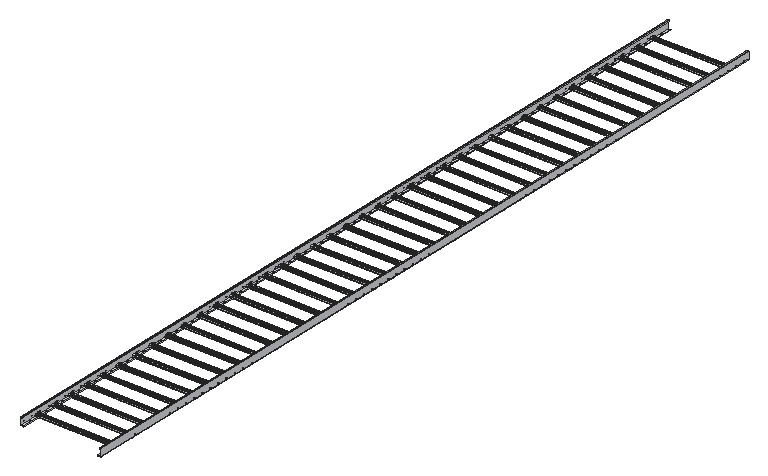
Revit family "Kabelleiter LG 60, 6 m VS FT", category Generic Models, Revit 2017 (continued)
Forms (mm)
  Extrusion 764, void
    from 1.5 to 3
  Extrusion 765, void
    sketch origin (240, 2250, 0) x (1, 0, 0) y (0, 1, 0)
      loop
        line (53.5, 158.5) -> (53.5, 141.5) -> (64.5, 141.5) -> (64.5, 158.5) -> (53.5, 158.5)
    from 1.5 to 3
  Extrusion 766, void
    sketch origin (240, 2400, 0) x (1, 0, 0) y (0, 1, 0)
      loop
        line (53.5, 158.5) -> (53.5, 141.5) -> (64.5, 141.5) -> (64.5, 158.5) -> (53.5, 158.5)
    from 1.5 to 3
  Extrusion 767, void
    sketch origin (240, 2550, 0) x (1, 0, 0) y (0, 1, 0)
      loop
        line (53.5, 158.5) -> (53.5, 141.5) -> (64.5, 141.5) -> (64.5, 158.5) -> (53.5, 158.5)
    from 1.5 to 3
  Extrusion 768, void
    sketch origin (240, 2700, 0) x (1, 0, 0) y (0, 1, 0)
      loop
        line (53.5, 158.5) -> (53.5, 141.5) -> (64.5, 141.5) -> (64.5, 158.5) -> (53.5, 158.5)
    from 1.5 to 3
  Extrusion 769, void
    sketch origin (240, 2850, 0) x (1, 0, 0) y (0, 1, 0)
      loop
        line (53.5, 158.5) -> (53.5, 141.5) -> (64.5, 141.5) -> (64.5, 158.5) -> (53.5, 158.5)
    from 1.5 to 3
  Extrusion 770, void
    sketch origin (240, 3000, 0) x (1, 0, 0) y (0, 1, 0)
      loop
        line (53.5, 158.5) -> (53.5, 141.5) -> (64.5, 141.5) -> (64.5, 158.5) -> (53.5, 158.5)
    from 1.5 to 3
  Extrusion 771, void
    sketch origin (240, 3150, 0) x (1, 0, 0) y (0, 1, 0)
      loop
        line (53.5, 158.5) -> (53.5, 141.5) -> (64.5, 141.5) -> (64.5, 158.5) -> (53.5, 158.5)
    from 1.5 to 3
  Extrusion 772, void
    sketch origin (240, 3300, 0) x (1, 0, 0) y (0, 1, 0)
      loop
        line (53.5, 158.5) -> (53.5, 141.5) -> (64.5, 141.5) -> (64.5, 158.5) -> (53.5, 158.5)
    from 1.5 to 3
  Extrusion 773, void
    sketch origin (240, 3450, 0) x (1, 0, 0) y (0, 1, 0)
      loop
        line (53.5, 158.5) -> (53.5, 141.5) -> (64.5, 141.5) -> (64.5, 158.5) -> (53.5, 158.5)
    from 1.5 to 3
  Extrusion 774, void
    sketch origin (240, 3600, 0) x (1, 0, 0) y (0, 1, 0)
      loop
        line (53.5, 158.5) -> (53.5, 141.5) -> (64.5, 141.5) -> (64.5, 158.5) -> (53.5, 158.5)
    from 1.5 to 3
  Extrusion 775, void
    sketch origin (240, 3750, 0) x (1, 0, 0) y (0, 1, 0)
      loop
        line (53.5, 158.5) -> (53.5, 141.5) -> (64.5, 141.5) -> (64.5, 158.5) -> (53.5, 158.5)
    from 1.5 to 3
  Extrusion 776, void
    sketch origin (240, 3900, 0) x (1, 0, 0) y (0, 1, 0)
      loop
        line (53.5, 158.5) -> (53.5, 141.5) -> (64.5, 141.5) -> (64.5, 158.5) -> (53.5, 158.5)
    from 1.5 to 3
  Extrusion 777, void
    sketch origin (240, 4050, 0) x (1, 0, 0) y (0, 1, 0)
      loop
        line (53.5, 158.5) -> (53.5, 141.5) -> (64.5, 141.5) -> (64.5, 158.5) -> (53.5, 158.5)
    from 1.5 to 3
  Extrusion 778, void
    sketch origin (240, 4200, 0) x (1, 0, 0) y (0, 1, 0)
      loop
        line (53.5, 158.5) -> (53.5, 141.5) -> (64.5, 141.5) -> (64.5, 158.5) -> (53.5, 158.5)
    from 1.5 to 3
  Extrusion 779, void
    sketch origin (240, 4350, 0) x (1, 0, 0) y (0, 1, 0)
      loop
        line (53.5, 158.5) -> (53.5, 141.5) -> (64.5, 141.5) -> (64.5, 158.5) -> (53.5, 158.5)
    from 1.5 to 3
  Extrusion 780, void
    sketch origin (240, 4500, 0) x (1, 0, 0) y (0, 1, 0)
      loop
        line (53.5, 158.5) -> (53.5, 141.5) -> (64.5, 141.5) -> (64.5, 158.5) -> (53.5, 158.5)
    from 1.5 to 3
  Extrusion 781, void
    sketch origin (240, 4650, 0) x (1, 0, 0) y (0, 1, 0)
      loop
        line (53.5, 158.5) -> (53.5, 141.5) -> (64.5, 141.5) -> (64.5, 158.5) -> (53.5, 158.5)
    from 1.5 to 3
  Extrusion 782, void
    sketch origin (240, 4800, 0) x (1, 0, 0) y (0, 1, 0)
      loop
        line (53.5, 158.5) -> (53.5, 141.5) -> (64.5, 141.5) -> (64.5, 158.5) -> (53.5, 158.5)
    from 1.5 to 3
  Extrusion 783, void
    sketch origin (240, 4950, 0) x (1, 0, 0) y (0, 1, 0)
      loop
        line (53.5, 158.5) -> (53.5, 141.5) -> (64.5, 141.5) -> (64.5, 158.5) -> (53.5, 158.5)
    from 1.5 to 3
  Extrusion 784, void
    sketch origin (240, 5100, 0) x (1, 0, 0) y (0, 1, 0)
      loop
        line (53.5, 158.5) -> (53.5, 141.5) -> (64.5, 141.5) -> (64.5, 158.5) -> (53.5, 158.5)
    from 1.5 to 3
  Extrusion 785, void
    sketch origin (240, 5250, 0) x (1, 0, 0) y (0, 1, 0)
      loop
        line (53.5, 158.5) -> (53.5, 141.5) -> (64.5, 141.5) -> (64.5, 158.5) -> (53.5, 158.5)
    from 1.5 to 3
  Extrusion 786, void
    sketch origin (240, 5400, 0) x (1, 0, 0) y (0, 1, 0)
      loop
        line (53.5, 158.5) -> (53.5, 141.5) -> (64.5, 141.5) -> (64.5, 158.5) -> (53.5, 158.5)
    from 1.5 to 3
  Extrusion 787, void
    sketch origin (240, 5550, 0) x (1, 0, 0) y (0, 1, 0)
      loop
        line (53.5, 158.5) -> (53.5, 141.5) -> (64.5, 141.5) -> (64.5, 158.5) -> (53.5, 158.5)
    from 1.5 to 3
  Extrusion 788, void
    sketch origin (240, 5700, 0) x (1, 0, 0) y (0, 1, 0)
      loop
        line (53.5, 158.5) -> (53.5, 141.5) -> (64.5, 141.5) -> (64.5, 158.5) -> (53.5, 158.5)
    from 1.5 to 3
  Extrusion 789, void
    sketch origin (240, 300, 0) x (1, 0, 0) y (0, 1, 0)
      loop
        line (75.5, 158.5) -> (75.5, 141.5) -> (82.5, 141.5) -> (82.5, 158.5) -> (75.5, 158.5)
    from 0 to 3
  Extrusion 790, void
    sketch origin (240, 450, 0) x (1, 0, 0) y (0, 1, 0)
      loop
        line (75.5, 158.5) -> (75.5, 141.5) -> (82.5, 141.5) -> (82.5, 158.5) -> (75.5, 158.5)
    from 0 to 3
  Extrusion 791, void
    sketch origin (240, 600, 0) x (1, 0, 0) y (0, 1, 0)
      loop
        line (75.5, 158.5) -> (75.5, 141.5) -> (82.5, 141.5) -> (82.5, 158.5) -> (75.5, 158.5)
    from 0 to 3
  Extrusion 792, void
    sketch origin (240, 750, 0) x (1, 0, 0) y (0, 1, 0)
      loop
        line (75.5, 158.5) -> (75.5, 141.5) -> (82.5, 141.5) -> (82.5, 158.5) -> (75.5, 158.5)
    from 0 to 3
  Extrusion 793, void
    sketch origin (240, 900, 0) x (1, 0, 0) y (0, 1, 0)
      loop
        line (75.5, 158.5) -> (75.5, 141.5) -> (82.5, 141.5) -> (82.5, 158.5) -> (75.5, 158.5)
    from 0 to 3
  Extrusion 794, void
    sketch origin (240, 1050, 0) x (1, 0, 0) y (0, 1, 0)
      loop
        line (75.5, 158.5) -> (75.5, 141.5) -> (82.5, 141.5) -> (82.5, 158.5) -> (75.5, 158.5)
    from 0 to 3
  Extrusion 795, void
    sketch origin (240, 1200, 0) x (1, 0, 0) y (0, 1, 0)
      loop
        line (75.5, 158.5) -> (75.5, 141.5) -> (82.5, 141.5) -> (82.5, 158.5) -> (75.5, 158.5)
    from 0 to 3
  Extrusion 796, void
    sketch origin (240, 1350, 0) x (1, 0, 0) y (0, 1, 0)
      loop
        line (75.5, 158.5) -> (75.5, 141.5) -> (82.5, 141.5) -> (82.5, 158.5) -> (75.5, 158.5)
    from 0 to 3
  Extrusion 797, void
    sketch origin (240, 1500, 0) x (1, 0, 0) y (0, 1, 0)
      loop
        line (75.5, 158.5) -> (75.5, 141.5) -> (82.5, 141.5) -> (82.5, 158.5) -> (75.5, 158.5)
    from 0 to 3
  Extrusion 798, void
    sketch origin (240, 1650, 0) x (1, 0, 0) y (0, 1, 0)
      loop
        line (75.5, 158.5) -> (75.5, 141.5) -> (82.5, 141.5) -> (82.5, 158.5) -> (75.5, 158.5)
    from 0 to 3
  Extrusion 799, void
    sketch origin (240, 1800, 0) x (1, 0, 0) y (0, 1, 0)
      loop
        line (75.5, 158.5) -> (75.5, 141.5) -> (82.5, 141.5) -> (82.5, 158.5) -> (75.5, 158.5)
    from 0 to 3
  Extrusion 800, void
    sketch origin (240, 1950, 0) x (1, 0, 0) y (0, 1, 0)
      loop
        line (75.5, 158.5) -> (75.5, 141.5) -> (82.5, 141.5) -> (82.5, 158.5) -> (75.5, 158.5)
    from 0 to 3
  Extrusion 801, void
    sketch origin (240, 2100, 0) x (1, 0, 0) y (0, 1, 0)
      loop
        line (75.5, 158.5) -> (75.5, 141.5) -> (82.5, 141.5) -> (82.5, 158.5) -> (75.5, 158.5)
    from 0 to 3
  Extrusion 802, void
    sketch origin (240, 2250, 0) x (1, 0, 0) y (0, 1, 0)
      loop
        line (75.5, 158.5) -> (75.5, 141.5) -> (82.5, 141.5) -> (82.5, 158.5) -> (75.5, 158.5)
    from 0 to 3
  Extrusion 803, void
    sketch origin (240, 2400, 0) x (1, 0, 0) y (0, 1, 0)
      loop
        line (75.5, 158.5) -> (75.5, 141.5) -> (82.5, 141.5) -> (82.5, 158.5) -> (75.5, 158.5)
    from 0 to 3
  Extrusion 804, void
    sketch origin (240, 2550, 0) x (1, 0, 0) y (0, 1, 0)
      loop
        line (75.5, 158.5) -> (75.5, 141.5) -> (82.5, 141.5) -> (82.5, 158.5) -> (75.5, 158.5)
    from 0 to 3
  Extrusion 805, void
    sketch origin (240, 2700, 0) x (1, 0, 0) y (0, 1, 0)
      loop
        line (75.5, 158.5) -> (75.5, 141.5) -> (82.5, 141.5) -> (82.5, 158.5) -> (75.5, 158.5)
    from 0 to 3
  Extrusion 806, void
    sketch origin (240, 2850, 0) x (1, 0, 0) y (0, 1, 0)
      loop
        line (75.5, 158.5) -> (75.5, 141.5) -> (82.5, 141.5) -> (82.5, 158.5) -> (75.5, 158.5)
    from 0 to 3
  Extrusion 807, void
    sketch origin (240, 3000, 0) x (1, 0, 0) y (0, 1, 0)
      loop
        line (75.5, 158.5) -> (75.5, 141.5) -> (82.5, 141.5) -> (82.5, 158.5) -> (75.5, 158.5)
    from 0 to 3
  Extrusion 808, void
    sketch origin (240, 3150, 0) x (1, 0, 0) y (0, 1, 0)
      loop
        line (75.5, 158.5) -> (75.5, 141.5) -> (82.5, 141.5) -> (82.5, 158.5) -> (75.5, 158.5)
    from 0 to 3
  Extrusion 809, void
    sketch origin (240, 3300, 0) x (1, 0, 0) y (0, 1, 0)
      loop
        line (75.5, 158.5) -> (75.5, 141.5) -> (82.5, 141.5) -> (82.5, 158.5) -> (75.5, 158.5)
    from 0 to 3
  Extrusion 810, void
    sketch origin (240, 3450, 0) x (1, 0, 0) y (0, 1, 0)
      loop
        line (75.5, 158.5) -> (75.5, 141.5) -> (82.5, 141.5) -> (82.5, 158.5) -> (75.5, 158.5)
    from 0 to 3
  Extrusion 811, void
    sketch origin (240, 3600, 0) x (1, 0, 0) y (0, 1, 0)
      loop
        line (75.5, 158.5) -> (75.5, 141.5) -> (82.5, 141.5) -> (82.5, 158.5) -> (75.5, 158.5)
    from 0 to 3
  Extrusion 812, void
    sketch origin (240, 3750, 0) x (1, 0, 0) y (0, 1, 0)
      loop
        line (75.5, 158.5) -> (75.5, 141.5) -> (82.5, 141.5) -> (82.5, 158.5) -> (75.5, 158.5)
    from 0 to 3
  Extrusion 813, void
    sketch origin (240, 3900, 0) x (1, 0, 0) y (0, 1, 0)
      loop
        line (75.5, 158.5) -> (75.5, 141.5) -> (82.5, 141.5) -> (82.5, 158.5) -> (75.5, 158.5)
    from 0 to 3
  Extrusion 814, void
    sketch origin (240, 4050, 0) x (1, 0, 0) y (0, 1, 0)
      loop
        line (75.5, 158.5) -> (75.5, 141.5) -> (82.5, 141.5) -> (82.5, 158.5) -> (75.5, 158.5)
    from 0 to 3
  Extrusion 815, void
    sketch origin (240, 4200, 0) x (1, 0, 0) y (0, 1, 0)
      loop
        line (75.5, 158.5) -> (75.5, 141.5) -> (82.5, 141.5) -> (82.5, 158.5) -> (75.5, 158.5)
    from 0 to 3
  Extrusion 816, void
    sketch origin (240, 4350, 0) x (1, 0, 0) y (0, 1, 0)
      loop
        line (75.5, 158.5) -> (75.5, 141.5) -> (82.5, 141.5) -> (82.5, 158.5) -> (75.5, 158.5)
    from 0 to 3
  Extrusion 817, void
    sketch origin (240, 4500, 0) x (1, 0, 0) y (0, 1, 0)
      loop
        line (75.5, 158.5) -> (75.5, 141.5) -> (82.5, 141.5) -> (82.5, 158.5) -> (75.5, 158.5)
    from 0 to 3
  Extrusion 818, void
    sketch origin (240, 4650, 0) x (1, 0, 0) y (0, 1, 0)
      loop
        line (75.5, 158.5) -> (75.5, 141.5) -> (82.5, 141.5) -> (82.5, 158.5) -> (75.5, 158.5)
    from 0 to 3
  Extrusion 819, void
    sketch origin (240, 4800, 0) x (1, 0, 0) y (0, 1, 0)
      loop
        line (75.5, 158.5) -> (75.5, 141.5) -> (82.5, 141.5) -> (82.5, 158.5) -> (75.5, 158.5)
    from 0 to 3
  Extrusion 820, void
    sketch origin (240, 4950, 0) x (1, 0, 0) y (0, 1, 0)
      loop
        line (75.5, 158.5) -> (75.5, 141.5) -> (82.5, 141.5) -> (82.5, 158.5) -> (75.5, 158.5)
    from 0 to 3
  Extrusion 821, void
    sketch origin (240, 5100, 0) x (1, 0, 0) y (0, 1, 0)
      loop
        line (75.5, 158.5) -> (75.5, 141.5) -> (82.5, 141.5) -> (82.5, 158.5) -> (75.5, 158.5)
    from 0 to 3
  Extrusion 822, void
    sketch origin (240, 5250, 0) x (1, 0, 0) y (0, 1, 0)
      loop
        line (75.5, 158.5) -> (75.5, 141.5) -> (82.5, 141.5) -> (82.5, 158.5) -> (75.5, 158.5)
    from 0 to 3
  Extrusion 823, void
    sketch origin (240, 5400, 0) x (1, 0, 0) y (0, 1, 0)
      loop
        line (75.5, 158.5) -> (75.5, 141.5) -> (82.5, 141.5) -> (82.5, 158.5) -> (75.5, 158.5)
    from 0 to 3
  Extrusion 824, void
    sketch origin (240, 5550, 0) x (1, 0, 0) y (0, 1, 0)
      loop
        line (75.5, 158.5) -> (75.5, 141.5) -> (82.5, 141.5) -> (82.5, 158.5) -> (75.5, 158.5)
    from 0 to 3
  Extrusion 825, void
    sketch origin (240, 5700, 0) x (1, 0, 0) y (0, 1, 0)
      loop
        line (75.5, 158.5) -> (75.5, 141.5) -> (82.5, 141.5) -> (82.5, 158.5) -> (75.5, 158.5)
    from 0 to 3
  Extrusion 826, void
    sketch origin (280, 300, 0) x (1, 0, 0) y (0, 1, 0)
      loop
        line (53.5, 158.5) -> (53.5, 141.5) -> (64.5, 141.5) -> (64.5, 158.5) -> (53.5, 158.5)
    from 1.5 to 3
  Extrusion 827, void
    sketch origin (280, 450, 0) x (1, 0, 0) y (0, 1, 0)
      loop
        line (53.5, 158.5) -> (53.5, 141.5) -> (64.5, 141.5) -> (64.5, 158.5) -> (53.5, 158.5)
    from 1.5 to 3
  Extrusion 828, void
    sketch origin (280, 600, 0) x (1, 0, 0) y (0, 1, 0)
      loop
        line (53.5, 158.5) -> (53.5, 141.5) -> (64.5, 141.5) -> (64.5, 158.5) -> (53.5, 158.5)
    from 1.5 to 3
  Extrusion 829, void
    sketch origin (280, 750, 0) x (1, 0, 0) y (0, 1, 0)
      loop
        line (53.5, 158.5) -> (53.5, 141.5) -> (64.5, 141.5) -> (64.5, 158.5) -> (53.5, 158.5)
    from 1.5 to 3
  Extrusion 830, void
    sketch origin (280, 900, 0) x (1, 0, 0) y (0, 1, 0)
      loop
        line (53.5, 158.5) -> (53.5, 141.5) -> (64.5, 141.5) -> (64.5, 158.5) -> (53.5, 158.5)
    from 1.5 to 3
  Extrusion 831, void
    sketch origin (280, 1050, 0) x (1, 0, 0) y (0, 1, 0)
      loop
        line (53.5, 158.5) -> (53.5, 141.5) -> (64.5, 141.5) -> (64.5, 158.5) -> (53.5, 158.5)
    from 1.5 to 3
  Extrusion 832, void
    sketch origin (280, 1200, 0) x (1, 0, 0) y (0, 1, 0)
      loop
        line (53.5, 158.5) -> (53.5, 141.5) -> (64.5, 141.5) -> (64.5, 158.5) -> (53.5, 158.5)
    from 1.5 to 3
  Extrusion 833, void
    sketch origin (280, 1350, 0) x (1, 0, 0) y (0, 1, 0)
      loop
        line (53.5, 158.5) -> (53.5, 141.5) -> (64.5, 141.5) -> (64.5, 158.5) -> (53.5, 158.5)
    from 1.5 to 3
  Extrusion 834, void
    sketch origin (280, 1500, 0) x (1, 0, 0) y (0, 1, 0)
      loop
        line (53.5, 158.5) -> (53.5, 141.5) -> (64.5, 141.5) -> (64.5, 158.5) -> (53.5, 158.5)
    from 1.5 to 3
  Extrusion 835, void
    sketch origin (280, 1650, 0) x (1, 0, 0) y (0, 1, 0)
      loop
        line (53.5, 158.5) -> (53.5, 141.5) -> (64.5, 141.5) -> (64.5, 158.5) -> (53.5, 158.5)
    from 1.5 to 3
  Extrusion 836, void
    sketch origin (280, 1800, 0) x (1, 0, 0) y (0, 1, 0)
      loop
        line (53.5, 158.5) -> (53.5, 141.5) -> (64.5, 141.5) -> (64.5, 158.5) -> (53.5, 158.5)
    from 1.5 to 3
  Extrusion 837, void
    sketch origin (280, 1950, 0) x (1, 0, 0) y (0, 1, 0)
      loop
        line (53.5, 158.5) -> (53.5, 141.5) -> (64.5, 141.5) -> (64.5, 158.5) -> (53.5, 158.5)
    from 1.5 to 3
  Extrusion 838, void
    sketch origin (280, 2100, 0) x (1, 0, 0) y (0, 1, 0)
      loop
        line (53.5, 158.5) -> (53.5, 141.5) -> (64.5, 141.5) -> (64.5, 158.5) -> (53.5, 158.5)
    from 1.5 to 3
  Extrusion 839, void
    sketch origin (280, 2250, 0) x (1, 0, 0) y (0, 1, 0)
      loop
        line (53.5, 158.5) -> (53.5, 141.5) -> (64.5, 141.5) -> (64.5, 158.5) -> (53.5, 158.5)
    from 1.5 to 3
  Extrusion 840, void
    sketch origin (280, 2400, 0) x (1, 0, 0) y (0, 1, 0)
      loop
        line (53.5, 158.5) -> (53.5, 141.5) -> (64.5, 141.5) -> (64.5, 158.5) -> (53.5, 158.5)
    from 1.5 to 3
  Extrusion 841, void
    sketch origin (280, 2550, 0) x (1, 0, 0) y (0, 1, 0)
      loop
        line (53.5, 158.5) -> (53.5, 141.5) -> (64.5, 141.5) -> (64.5, 158.5) -> (53.5, 158.5)
    from 1.5 to 3
  Extrusion 842, void
    sketch origin (280, 2700, 0) x (1, 0, 0) y (0, 1, 0)
      loop
        line (53.5, 158.5) -> (53.5, 141.5) -> (64.5, 141.5) -> (64.5, 158.5) -> (53.5, 158.5)
    from 1.5 to 3
  Extrusion 843, void
    sketch origin (280, 2850, 0) x (1, 0, 0) y (0, 1, 0)
      loop
        line (53.5, 158.5) -> (53.5, 141.5) -> (64.5, 141.5) -> (64.5, 158.5) -> (53.5, 158.5)
    from 1.5 to 3
  Extrusion 844, void
    sketch origin (280, 3000, 0) x (1, 0, 0) y (0, 1, 0)
      loop
        line (53.5, 158.5) -> (53.5, 141.5) -> (64.5, 141.5) -> (64.5, 158.5) -> (53.5, 158.5)
    from 1.5 to 3
  Extrusion 845, void
    sketch origin (280, 3150, 0) x (1, 0, 0) y (0, 1, 0)
      loop
        line (53.5, 158.5) -> (53.5, 141.5) -> (64.5, 141.5) -> (64.5, 158.5) -> (53.5, 158.5)
    from 1.5 to 3
  Extrusion 846, void
    sketch origin (280, 3300, 0) x (1, 0, 0) y (0, 1, 0)
      loop
        line (53.5, 158.5) -> (53.5, 141.5) -> (64.5, 141.5) -> (64.5, 158.5) -> (53.5, 158.5)
    from 1.5 to 3
  Extrusion 847, void
    sketch origin (280, 3450, 0) x (1, 0, 0) y (0, 1, 0)
      loop
        line (53.5, 158.5) -> (53.5, 141.5) -> (64.5, 141.5) -> (64.5, 158.5) -> (53.5, 158.5)
    from 1.5 to 3
  Extrusion 848, void
    sketch origin (280, 3600, 0) x (1, 0, 0) y (0, 1, 0)
      loop
        line (53.5, 158.5) -> (53.5, 141.5) -> (64.5, 141.5) -> (64.5, 158.5) -> (53.5, 158.5)
    from 1.5 to 3
  Extrusion 849, void
    sketch origin (280, 3750, 0) x (1, 0, 0) y (0, 1, 0)
      loop
        line (53.5, 158.5) -> (53.5, 141.5) -> (64.5, 141.5) -> (64.5, 158.5) -> (53.5, 158.5)
    from 1.5 to 3
  Extrusion 850, void
    sketch origin (280, 3900, 0) x (1, 0, 0) y (0, 1, 0)
      loop
        line (53.5, 158.5) -> (53.5, 141.5) -> (64.5, 141.5) -> (64.5, 158.5) -> (53.5, 158.5)
    from 1.5 to 3
  Extrusion 851, void
    sketch origin (280, 4050, 0) x (1, 0, 0) y (0, 1, 0)
      loop
        line (53.5, 158.5) -> (53.5, 141.5) -> (64.5, 141.5) -> (64.5, 158.5) -> (53.5, 158.5)
    from 1.5 to 3
  Extrusion 852, void
    sketch origin (280, 4200, 0) x (1, 0, 0) y (0, 1, 0)
      loop
        line (53.5, 158.5) -> (53.5, 141.5) -> (64.5, 141.5) -> (64.5, 158.5) -> (53.5, 158.5)
    from 1.5 to 3
  Extrusion 853, void
    sketch origin (280, 4350, 0) x (1, 0, 0) y (0, 1, 0)
      loop
        line (53.5, 158.5) -> (53.5, 141.5) -> (64.5, 141.5) -> (64.5, 158.5) -> (53.5, 158.5)
    from 1.5 to 3
  Extrusion 854, void
    sketch origin (280, 4500, 0) x (1, 0, 0) y (0, 1, 0)
      loop
        line (53.5, 158.5) -> (53.5, 141.5) -> (64.5, 141.5) -> (64.5, 158.5) -> (53.5, 158.5)
    from 1.5 to 3
  Extrusion 855, void
    sketch origin (280, 4650, 0) x (1, 0, 0) y (0, 1, 0)
      loop
        line (53.5, 158.5) -> (53.5, 141.5) -> (64.5, 141.5) -> (64.5, 158.5) -> (53.5, 158.5)
    from 1.5 to 3
  Extrusion 856, void
    sketch origin (280, 4800, 0) x (1, 0, 0) y (0, 1, 0)
      loop
        line (53.5, 158.5) -> (53.5, 141.5) -> (64.5, 141.5) -> (64.5, 158.5) -> (53.5, 158.5)
    from 1.5 to 3
  Extrusion 857, void
    sketch origin (280, 4950, 0) x (1, 0, 0) y (0, 1, 0)
      loop
        line (53.5, 158.5) -> (53.5, 141.5) -> (64.5, 141.5) -> (64.5, 158.5) -> (53.5, 158.5)
    from 1.5 to 3
  Extrusion 858, void
    sketch origin (280, 5100, 0) x (1, 0, 0) y (0, 1, 0)
      loop
        line (53.5, 158.5) -> (53.5, 141.5) -> (64.5, 141.5) -> (64.5, 158.5) -> (53.5, 158.5)
    from 1.5 to 3
  Extrusion 859, void
    sketch origin (280, 5250, 0) x (1, 0, 0) y (0, 1, 0)
      loop
        line (53.5, 158.5) -> (53.5, 141.5) -> (64.5, 141.5) -> (64.5, 158.5) -> (53.5, 158.5)
    from 1.5 to 3
  Extrusion 860, void
    sketch origin (280, 5400, 0) x (1, 0, 0) y (0, 1, 0)
      loop
        line (53.5, 158.5) -> (53.5, 141.5) -> (64.5, 141.5) -> (64.5, 158.5) -> (53.5, 158.5)
    from 1.5 to 3
  Extrusion 861, void
    sketch origin (280, 5550, 0) x (1, 0, 0) y (0, 1, 0)
      loop
        line (53.5, 158.5) -> (53.5, 141.5) -> (64.5, 141.5) -> (64.5, 158.5) -> (53.5, 158.5)
    from 1.5 to 3
  Extrusion 862, void
    sketch origin (280, 5700, 0) x (1, 0, 0) y (0, 1, 0)
      loop
        line (53.5, 158.5) -> (53.5, 141.5) -> (64.5, 141.5) -> (64.5, 158.5) -> (53.5, 158.5)
    from 1.5 to 3
  Extrusion 863, void
    sketch origin (280, 300, 0) x (1, 0, 0) y (0, 1, 0)
      loop
        line (75.5, 158.5) -> (75.5, 141.5) -> (82.5, 141.5) -> (82.5, 158.5) -> (75.5, 158.5)
    from 0 to 3
  Extrusion 864, void
    sketch origin (280, 450, 0) x (1, 0, 0) y (0, 1, 0)
      loop
        line (75.5, 158.5) -> (75.5, 141.5) -> (82.5, 141.5) -> (82.5, 158.5) -> (75.5, 158.5)
    from 0 to 3
  Extrusion 865, void
    sketch origin (280, 600, 0) x (1, 0, 0) y (0, 1, 0)
      loop
        line (75.5, 158.5) -> (75.5, 141.5) -> (82.5, 141.5) -> (82.5, 158.5) -> (75.5, 158.5)
    from 0 to 3
  Extrusion 866, void
    sketch origin (280, 750, 0) x (1, 0, 0) y (0, 1, 0)
      loop
        line (75.5, 158.5) -> (75.5, 141.5) -> (82.5, 141.5) -> (82.5, 158.5) -> (75.5, 158.5)
    from 0 to 3
  Extrusion 867, void
    sketch origin (280, 900, 0) x (1, 0, 0) y (0, 1, 0)
      loop
        line (75.5, 158.5) -> (75.5, 141.5) -> (82.5, 141.5) -> (82.5, 158.5) -> (75.5, 158.5)
    from 0 to 3
  Extrusion 868, void
    sketch origin (280, 1050, 0) x (1, 0, 0) y (0, 1, 0)
      loop
        line (75.5, 158.5) -> (75.5, 141.5) -> (82.5, 141.5) -> (82.5, 158.5) -> (75.5, 158.5)
    from 0 to 3
  Extrusion 869, void
    sketch origin (280, 1200, 0) x (1, 0, 0) y (0, 1, 0)
      loop
        line (75.5, 158.5) -> (75.5, 141.5) -> (82.5, 141.5) -> (82.5, 158.5) -> (75.5, 158.5)
    from 0 to 3
  Extrusion 870, void
    sketch origin (280, 1350, 0) x (1, 0, 0) y (0, 1, 0)
      loop
        line (75.5, 158.5) -> (75.5, 141.5) -> (82.5, 141.5) -> (82.5, 158.5) -> (75.5, 158.5)
    from 0 to 3
  Extrusion 871, void
    sketch origin (280, 1500, 0) x (1, 0, 0) y (0, 1, 0)
      loop
        line (75.5, 158.5) -> (75.5, 141.5) -> (82.5, 141.5) -> (82.5, 158.5) -> (75.5, 158.5)
    from 0 to 3
  Extrusion 872, void
    sketch origin (280, 1650, 0) x (1, 0, 0) y (0, 1, 0)
      loop
        line (75.5, 158.5) -> (75.5, 141.5) -> (82.5, 141.5) -> (82.5, 158.5) -> (75.5, 158.5)
    from 0 to 3
  Extrusion 873, void
    sketch origin (280, 1800, 0) x (1, 0, 0) y (0, 1, 0)
      loop
        line (75.5, 158.5) -> (75.5, 141.5) -> (82.5, 141.5) -> (82.5, 158.5) -> (75.5, 158.5)
    from 0 to 3
  Extrusion 874, void
    sketch origin (280, 1950, 0) x (1, 0, 0) y (0, 1, 0)
      loop
        line (75.5, 158.5) -> (75.5, 141.5) -> (82.5, 141.5) -> (82.5, 158.5) -> (75.5, 158.5)
    from 0 to 3
  Extrusion 875, void
    sketch origin (280, 2100, 0) x (1, 0, 0) y (0, 1, 0)
      loop
        line (75.5, 158.5) -> (75.5, 141.5) -> (82.5, 141.5) -> (82.5, 158.5) -> (75.5, 158.5)
    from 0 to 3
  Extrusion 876, void
    sketch origin (280, 2250, 0) x (1, 0, 0) y (0, 1, 0)
      loop
        line (75.5, 158.5) -> (75.5, 141.5) -> (82.5, 141.5) -> (82.5, 158.5) -> (75.5, 158.5)
    from 0 to 3
  Extrusion 877, void
    sketch origin (280, 2400, 0) x (1, 0, 0) y (0, 1, 0)
      loop
        line (75.5, 158.5) -> (75.5, 141.5) -> (82.5, 141.5) -> (82.5, 158.5) -> (75.5, 158.5)
    from 0 to 3
  Extrusion 878, void
    sketch origin (280, 2550, 0) x (1, 0, 0) y (0, 1, 0)
      loop
        line (75.5, 158.5) -> (75.5, 141.5) -> (82.5, 141.5) -> (82.5, 158.5) -> (75.5, 158.5)
    from 0 to 3
  Extrusion 879, void
    sketch origin (280, 2700, 0) x (1, 0, 0) y (0, 1, 0)
      loop
        line (75.5, 158.5) -> (75.5, 141.5) -> (82.5, 141.5) -> (82.5, 158.5) -> (75.5, 158.5)
    from 0 to 3
  Extrusion 880, void
    sketch origin (280, 2850, 0) x (1, 0, 0) y (0, 1, 0)
      loop
        line (75.5, 158.5) -> (75.5, 141.5) -> (82.5, 141.5) -> (82.5, 158.5) -> (75.5, 158.5)
    from 0 to 3
  Extrusion 881, void
    sketch origin (280, 3000, 0) x (1, 0, 0) y (0, 1, 0)
      loop
        line (75.5, 158.5) -> (75.5, 141.5) -> (82.5, 141.5) -> (82.5, 158.5) -> (75.5, 158.5)
    from 0 to 3
  Extrusion 882, void
    sketch origin (280, 3150, 0) x (1, 0, 0) y (0, 1, 0)
      loop
        line (75.5, 158.5) -> (75.5, 141.5) -> (82.5, 141.5) -> (82.5, 158.5) -> (75.5, 158.5)
    from 0 to 3
  Extrusion 883, void
    sketch origin (280, 3300, 0) x (1, 0, 0) y (0, 1, 0)
      loop
        line (75.5, 158.5) -> (75.5, 141.5) -> (82.5, 141.5) -> (82.5, 158.5) -> (75.5, 158.5)
    from 0 to 3
  Extrusion 884, void
    sketch origin (280, 3450, 0) x (1, 0, 0) y (0, 1, 0)
      loop
        line (75.5, 158.5) -> (75.5, 141.5) -> (82.5, 141.5) -> (82.5, 158.5) -> (75.5, 158.5)
    from 0 to 3
  Extrusion 885, void
    sketch origin (280, 3600, 0) x (1, 0, 0) y (0, 1, 0)
      loop
        line (75.5, 158.5) -> (75.5, 141.5) -> (82.5, 141.5) -> (82.5, 158.5) -> (75.5, 158.5)
    from 0 to 3
  Extrusion 886, void
    sketch origin (280, 3750, 0) x (1, 0, 0) y (0, 1, 0)
      loop
        line (75.5, 158.5) -> (75.5, 141.5) -> (82.5, 141.5) -> (82.5, 158.5) -> (75.5, 158.5)
    from 0 to 3
  Extrusion 887, void
    sketch origin (280, 3900, 0) x (1, 0, 0) y (0, 1, 0)
      loop
        line (75.5, 158.5) -> (75.5, 141.5) -> (82.5, 141.5) -> (82.5, 158.5) -> (75.5, 158.5)
    from 0 to 3
  Extrusion 888, void
    sketch origin (280, 4050, 0) x (1, 0, 0) y (0, 1, 0)
      loop
        line (75.5, 158.5) -> (75.5, 141.5) -> (82.5, 141.5) -> (82.5, 158.5) -> (75.5, 158.5)
    from 0 to 3
  Extrusion 889, void
    sketch origin (280, 4200, 0) x (1, 0, 0) y (0, 1, 0)
      loop
        line (75.5, 158.5) -> (75.5, 141.5) -> (82.5, 141.5) -> (82.5, 158.5) -> (75.5, 158.5)
    from 0 to 3
  Extrusion 890, void
    sketch origin (280, 4350, 0) x (1, 0, 0) y (0, 1, 0)
      loop
        line (75.5, 158.5) -> (75.5, 141.5) -> (82.5, 141.5) -> (82.5, 158.5) -> (75.5, 158.5)
    from 0 to 3
  Extrusion 891, void
    sketch origin (280, 4500, 0) x (1, 0, 0) y (0, 1, 0)
      loop
        line (75.5, 158.5) -> (75.5, 141.5) -> (82.5, 141.5) -> (82.5, 158.5) -> (75.5, 158.5)
    from 0 to 3
  Extrusion 892, void
    sketch origin (280, 4650, 0) x (1, 0, 0) y (0, 1, 0)
      loop
        line (75.5, 158.5) -> (75.5, 141.5) -> (82.5, 141.5) -> (82.5, 158.5) -> (75.5, 158.5)
    from 0 to 3
  Extrusion 893, void
    sketch origin (280, 4800, 0) x (1, 0, 0) y (0, 1, 0)
      loop
        line (75.5, 158.5) -> (75.5, 141.5) -> (82.5, 141.5) -> (82.5, 158.5) -> (75.5, 158.5)
    from 0 to 3
  Extrusion 894, void
    sketch origin (280, 4950, 0) x (1, 0, 0) y (0, 1, 0)
      loop
        line (75.5, 158.5) -> (75.5, 141.5) -> (82.5, 141.5) -> (82.5, 158.5) -> (75.5, 158.5)
    from 0 to 3
  Extrusion 895, void
    sketch origin (280, 5100, 0) x (1, 0, 0) y (0, 1, 0)
      loop
        line (75.5, 158.5) -> (75.5, 141.5) -> (82.5, 141.5) -> (82.5, 158.5) -> (75.5, 158.5)
    from 0 to 3
  Extrusion 896, void
    sketch origin (280, 5250, 0) x (1, 0, 0) y (0, 1, 0)
      loop
        line (75.5, 158.5) -> (75.5, 141.5) -> (82.5, 141.5) -> (82.5, 158.5) -> (75.5, 158.5)
    from 0 to 3
  Extrusion 897, void
    sketch origin (280, 5400, 0) x (1, 0, 0) y (0, 1, 0)
      loop
        line (75.5, 158.5) -> (75.5, 141.5) -> (82.5, 141.5) -> (82.5, 158.5) -> (75.5, 158.5)
    from 0 to 3
  Extrusion 898, void
    sketch origin (280, 5550, 0) x (1, 0, 0) y (0, 1, 0)
      loop
        line (75.5, 158.5) -> (75.5, 141.5) -> (82.5, 141.5) -> (82.5, 158.5) -> (75.5, 158.5)
    from 0 to 3
  Extrusion 899, void
    sketch origin (280, 5700, 0) x (1, 0, 0) y (0, 1, 0)
      loop
        line (75.5, 158.5) -> (75.5, 141.5) -> (82.5, 141.5) -> (82.5, 158.5) -> (75.5, 158.5)
    from 0 to 3
  Extrusion 900, void
    sketch origin (320, 300, 0) x (1, 0, 0) y (0, 1, 0)
      loop
        line (53.5, 158.5) -> (53.5, 141.5) -> (64.5, 141.5) -> (64.5, 158.5) -> (53.5, 158.5)
    from 1.5 to 3
  Extrusion 901, void
    sketch origin (320, 450, 0) x (1, 0, 0) y (0, 1, 0)
      loop
        line (53.5, 158.5) -> (53.5, 141.5) -> (64.5, 141.5) -> (64.5, 158.5) -> (53.5, 158.5)
    from 1.5 to 3
  Extrusion 902, void
    sketch origin (320, 600, 0) x (1, 0, 0) y (0, 1, 0)
      loop
        line (53.5, 158.5) -> (53.5, 141.5) -> (64.5, 141.5) -> (64.5, 158.5) -> (53.5, 158.5)
    from 1.5 to 3
  Extrusion 903, void
    sketch origin (320, 750, 0) x (1, 0, 0) y (0, 1, 0)
      loop
        line (53.5, 158.5) -> (53.5, 141.5) -> (64.5, 141.5) -> (64.5, 158.5) -> (53.5, 158.5)
    from 1.5 to 3
  Extrusion 904, void
    sketch origin (320, 900, 0) x (1, 0, 0) y (0, 1, 0)
      loop
        line (53.5, 158.5) -> (53.5, 141.5) -> (64.5, 141.5) -> (64.5, 158.5) -> (53.5, 158.5)
    from 1.5 to 3
  Extrusion 905, void
    sketch origin (320, 1050, 0) x (1, 0, 0) y (0, 1, 0)
      loop
        line (53.5, 158.5) -> (53.5, 141.5) -> (64.5, 141.5) -> (64.5, 158.5) -> (53.5, 158.5)
    from 1.5 to 3
  Extrusion 906, void
    sketch origin (320, 1200, 0) x (1, 0, 0) y (0, 1, 0)
      loop
        line (53.5, 158.5) -> (53.5, 141.5) -> (64.5, 141.5) -> (64.5, 158.5) -> (53.5, 158.5)
    from 1.5 to 3
  Extrusion 907, void
    sketch origin (320, 1350, 0) x (1, 0, 0) y (0, 1, 0)
      loop
        line (53.5, 158.5) -> (53.5, 141.5) -> (64.5, 141.5) -> (64.5, 158.5) -> (53.5, 158.5)
    from 1.5 to 3
  Extrusion 908, void
    sketch origin (320, 1500, 0) x (1, 0, 0) y (0, 1, 0)
      loop
        line (53.5, 158.5) -> (53.5, 141.5) -> (64.5, 141.5) -> (64.5, 158.5) -> (53.5, 158.5)
    from 1.5 to 3
  Extrusion 909, void
    sketch origin (320, 1650, 0) x (1, 0, 0) y (0, 1, 0)
      loop
        line (53.5, 158.5) -> (53.5, 141.5) -> (64.5, 141.5) -> (64.5, 158.5) -> (53.5, 158.5)
    from 1.5 to 3
  Extrusion 910, void
    sketch origin (320, 1800, 0) x (1, 0, 0) y (0, 1, 0)
      loop
        line (53.5, 158.5) -> (53.5, 141.5) -> (64.5, 141.5) -> (64.5, 158.5) -> (53.5, 158.5)
    from 1.5 to 3
  Extrusion 911, void
    sketch origin (320, 1950, 0) x (1, 0, 0) y (0, 1, 0)
      loop
        line (53.5, 158.5) -> (53.5, 141.5) -> (64.5, 141.5) -> (64.5, 158.5) -> (53.5, 158.5)
    from 1.5 to 3
  Extrusion 912, void
    sketch origin (320, 2100, 0) x (1, 0, 0) y (0, 1, 0)
      loop
        line (53.5, 158.5) -> (53.5, 141.5) -> (64.5, 141.5) -> (64.5, 158.5) -> (53.5, 158.5)
    from 1.5 to 3
  Extrusion 913, void
    sketch origin (320, 2250, 0) x (1, 0, 0) y (0, 1, 0)
      loop
        line (53.5, 158.5) -> (53.5, 141.5) -> (64.5, 141.5) -> (64.5, 158.5) -> (53.5, 158.5)
    from 1.5 to 3
  Extrusion 914, void
    sketch origin (320, 2400, 0) x (1, 0, 0) y (0, 1, 0)
      loop
        line (53.5, 158.5) -> (53.5, 141.5) -> (64.5, 141.5) -> (64.5, 158.5) -> (53.5, 158.5)
    from 1.5 to 3
  Extrusion 915, void
    sketch origin (320, 2550, 0) x (1, 0, 0) y (0, 1, 0)
      loop
        line (53.5, 158.5) -> (53.5, 141.5) -> (64.5, 141.5) -> (64.5, 158.5) -> (53.5, 158.5)
    from 1.5 to 3
  Extrusion 916, void
    sketch origin (320, 2700, 0) x (1, 0, 0) y (0, 1, 0)
      loop
        line (53.5, 158.5) -> (53.5, 141.5) -> (64.5, 141.5) -> (64.5, 158.5) -> (53.5, 158.5)
    from 1.5 to 3
  Extrusion 917, void
    sketch origin (320, 2850, 0) x (1, 0, 0) y (0, 1, 0)
      loop
        line (53.5, 158.5) -> (53.5, 141.5) -> (64.5, 141.5) -> (64.5, 158.5) -> (53.5, 158.5)
    from 1.5 to 3
  Extrusion 918, void
    sketch origin (320, 3000, 0) x (1, 0, 0) y (0, 1, 0)
      loop
        line (53.5, 158.5) -> (53.5, 141.5) -> (64.5, 141.5) -> (64.5, 158.5) -> (53.5, 158.5)
    from 1.5 to 3
  Extrusion 919, void
    sketch origin (320, 3150, 0) x (1, 0, 0) y (0, 1, 0)
      loop
        line (53.5, 158.5) -> (53.5, 141.5) -> (64.5, 141.5) -> (64.5, 158.5) -> (53.5, 158.5)
    from 1.5 to 3
  Extrusion 920, void
    sketch origin (320, 3300, 0) x (1, 0, 0) y (0, 1, 0)
      loop
        line (53.5, 158.5) -> (53.5, 141.5) -> (64.5, 141.5) -> (64.5, 158.5) -> (53.5, 158.5)
    from 1.5 to 3
  Extrusion 921, void
    sketch origin (320, 3450, 0) x (1, 0, 0) y (0, 1, 0)
      loop
        line (53.5, 158.5) -> (53.5, 141.5) -> (64.5, 141.5) -> (64.5, 158.5) -> (53.5, 158.5)
    from 1.5 to 3
  Extrusion 922, void
    sketch origin (320, 3600, 0) x (1, 0, 0) y (0, 1, 0)
      loop
        line (53.5, 158.5) -> (53.5, 141.5) -> (64.5, 141.5) -> (64.5, 158.5) -> (53.5, 158.5)
    from 1.5 to 3
  Extrusion 923, void
    sketch origin (320, 3750, 0) x (1, 0, 0) y (0, 1, 0)
      loop
        line (53.5, 158.5) -> (53.5, 141.5) -> (64.5, 141.5) -> (64.5, 158.5) -> (53.5, 158.5)
    from 1.5 to 3
  Extrusion 924, void
    sketch origin (320, 3900, 0) x (1, 0, 0) y (0, 1, 0)
      loop
        line (53.5, 158.5) -> (53.5, 141.5) -> (64.5, 141.5) -> (64.5, 158.5) -> (53.5, 158.5)
    from 1.5 to 3
  Extrusion 925, void
    sketch origin (320, 4050, 0) x (1, 0, 0) y (0, 1, 0)
      loop
        line (53.5, 158.5) -> (53.5, 141.5) -> (64.5, 141.5) -> (64.5, 158.5) -> (53.5, 158.5)
    from 1.5 to 3
  Extrusion 926, void
    sketch origin (320, 4200, 0) x (1, 0, 0) y (0, 1, 0)
      loop
        line (53.5, 158.5) -> (53.5, 141.5) -> (64.5, 141.5) -> (64.5, 158.5) -> (53.5, 158.5)
    from 1.5 to 3
  Extrusion 927, void
    sketch origin (320, 4350, 0) x (1, 0, 0) y (0, 1, 0)
      loop
        line (53.5, 158.5) -> (53.5, 141.5) -> (64.5, 141.5) -> (64.5, 158.5) -> (53.5, 158.5)
    from 1.5 to 3
  Extrusion 928, void
    sketch origin (320, 4500, 0) x (1, 0, 0) y (0, 1, 0)
      loop
        line (53.5, 158.5) -> (53.5, 141.5) -> (64.5, 141.5) -> (64.5, 158.5) -> (53.5, 158.5)
    from 1.5 to 3
  Extrusion 929, void
    sketch origin (320, 4650, 0) x (1, 0, 0) y (0, 1, 0)
      loop
        line (53.5, 158.5) -> (53.5, 141.5) -> (64.5, 141.5) -> (64.5, 158.5) -> (53.5, 158.5)
    from 1.5 to 3
  Extrusion 930, void
    sketch origin (320, 4800, 0) x (1, 0, 0) y (0, 1, 0)
      loop
        line (53.5, 158.5) -> (53.5, 141.5) -> (64.5, 141.5) -> (64.5, 158.5) -> (53.5, 158.5)
    from 1.5 to 3
  Extrusion 931, void
    sketch origin (320, 4950, 0) x (1, 0, 0) y (0, 1, 0)
      loop
        line (53.5, 158.5) -> (53.5, 141.5) -> (64.5, 141.5) -> (64.5, 158.5) -> (53.5, 158.5)
    from 1.5 to 3
  Extrusion 932, void
    sketch origin (320, 5100, 0) x (1, 0, 0) y (0, 1, 0)
      loop
        line (53.5, 158.5) -> (53.5, 141.5) -> (64.5, 141.5) -> (64.5, 158.5) -> (53.5, 158.5)
    from 1.5 to 3
  Extrusion 933, void
    sketch origin (320, 5250, 0) x (1, 0, 0) y (0, 1, 0)
      loop
        line (53.5, 158.5) -> (53.5, 141.5) -> (64.5, 141.5) -> (64.5, 158.5) -> (53.5, 158.5)
    from 1.5 to 3
  Extrusion 934, void
    sketch origin (320, 5400, 0) x (1, 0, 0) y (0, 1, 0)
      loop
        line (53.5, 158.5) -> (53.5, 141.5) -> (64.5, 141.5) -> (64.5, 158.5) -> (53.5, 158.5)
    from 1.5 to 3
  Extrusion 935, void
    sketch origin (320, 5550, 0) x (1, 0, 0) y (0, 1, 0)
      loop
        line (53.5, 158.5) -> (53.5, 141.5) -> (64.5, 141.5) -> (64.5, 158.5) -> (53.5, 158.5)
    from 1.5 to 3
  Extrusion 936, void
    sketch origin (320, 5700, 0) x (1, 0, 0) y (0, 1, 0)
      loop
        line (53.5, 158.5) -> (53.5, 141.5) -> (64.5, 141.5) -> (64.5, 158.5) -> (53.5, 158.5)
    from 1.5 to 3
  Extrusion 937, void
    sketch origin (320, 300, 0) x (1, 0, 0) y (0, 1, 0)
      loop
        line (75.5, 158.5) -> (75.5, 141.5) -> (82.5, 141.5) -> (82.5, 158.5) -> (75.5, 158.5)
    from 0 to 3
  Extrusion 938, void
    sketch origin (320, 450, 0) x (1, 0, 0) y (0, 1, 0)
      loop
        line (75.5, 158.5) -> (75.5, 141.5) -> (82.5, 141.5) -> (82.5, 158.5) -> (75.5, 158.5)
    from 0 to 3
  Extrusion 939, void
    sketch origin (320, 600, 0) x (1, 0, 0) y (0, 1, 0)
      loop
        line (75.5, 158.5) -> (75.5, 141.5) -> (82.5, 141.5) -> (82.5, 158.5) -> (75.5, 158.5)
    from 0 to 3
  Extrusion 940, void
    sketch origin (320, 750, 0) x (1, 0, 0) y (0, 1, 0)
      loop
        line (75.5, 158.5) -> (75.5, 141.5) -> (82.5, 141.5) -> (82.5, 158.5) -> (75.5, 158.5)
    from 0 to 3
  Extrusion 941, void
    sketch origin (320, 900, 0) x (1, 0, 0) y (0, 1, 0)
      loop
        line (75.5, 158.5) -> (75.5, 141.5) -> (82.5, 141.5) -> (82.5, 158.5) -> (75.5, 158.5)
    from 0 to 3
  Extrusion 942, void
    sketch origin (320, 1050, 0) x (1, 0, 0) y (0, 1, 0)
      loop
        line (75.5, 158.5) -> (75.5, 141.5) -> (82.5, 141.5) -> (82.5, 158.5) -> (75.5, 158.5)
    from 0 to 3
  Extrusion 943, void
    sketch origin (320, 1200, 0) x (1, 0, 0) y (0, 1, 0)
      loop
        line (75.5, 158.5) -> (75.5, 141.5) -> (82.5, 141.5) -> (82.5, 158.5) -> (75.5, 158.5)
    from 0 to 3
  Extrusion 944, void
    sketch origin (320, 1350, 0) x (1, 0, 0) y (0, 1, 0)
      loop
        line (75.5, 158.5) -> (75.5, 141.5) -> (82.5, 141.5) -> (82.5, 158.5) -> (75.5, 158.5)
    from 0 to 3
  Extrusion 945, void
    sketch origin (320, 1500, 0) x (1, 0, 0) y (0, 1, 0)
      loop
        line (75.5, 158.5) -> (75.5, 141.5) -> (82.5, 141.5) -> (82.5, 158.5) -> (75.5, 158.5)
    from 0 to 3
  Extrusion 946, void
    sketch origin (320, 1650, 0) x (1, 0, 0) y (0, 1, 0)
      loop
        line (75.5, 158.5) -> (75.5, 141.5) -> (82.5, 141.5) -> (82.5, 158.5) -> (75.5, 158.5)
    from 0 to 3
  Extrusion 947, void
    sketch origin (320, 1800, 0) x (1, 0, 0) y (0, 1, 0)
      loop
        line (75.5, 158.5) -> (75.5, 141.5) -> (82.5, 141.5) -> (82.5, 158.5) -> (75.5, 158.5)
    from 0 to 3
  Extrusion 948, void
    sketch origin (320, 1950, 0) x (1, 0, 0) y (0, 1, 0)
      loop
        line (75.5, 158.5) -> (75.5, 141.5) -> (82.5, 141.5) -> (82.5, 158.5) -> (75.5, 158.5)
    from 0 to 3
  Extrusion 949, void
    sketch origin (320, 2100, 0) x (1, 0, 0) y (0, 1, 0)
      loop
        line (75.5, 158.5) -> (75.5, 141.5) -> (82.5, 141.5) -> (82.5, 158.5) -> (75.5, 158.5)
    from 0 to 3
  Extrusion 950, void
    sketch origin (320, 2250, 0) x (1, 0, 0) y (0, 1, 0)
      loop
        line (75.5, 158.5) -> (75.5, 141.5) -> (82.5, 141.5) -> (82.5, 158.5) -> (75.5, 158.5)
    from 0 to 3
  Extrusion 951, void
    sketch origin (320, 2400, 0) x (1, 0, 0) y (0, 1, 0)
      loop
        line (75.5, 158.5) -> (75.5, 141.5) -> (82.5, 141.5) -> (82.5, 158.5) -> (75.5, 158.5)
    from 0 to 3
  Extrusion 952, void
    sketch origin (320, 2550, 0) x (1, 0, 0) y (0, 1, 0)
      loop
        line (75.5, 158.5) -> (75.5, 141.5) -> (82.5, 141.5) -> (82.5, 158.5) -> (75.5, 158.5)
    from 0 to 3
  Extrusion 953, void
    sketch origin (320, 2700, 0) x (1, 0, 0) y (0, 1, 0)
      loop
        line (75.5, 158.5) -> (75.5, 141.5) -> (82.5, 141.5) -> (82.5, 158.5) -> (75.5, 158.5)
    from 0 to 3
  Extrusion 954, void
    sketch origin (320, 2850, 0) x (1, 0, 0) y (0, 1, 0)
      loop
        line (75.5, 158.5) -> (75.5, 141.5) -> (82.5, 141.5) -> (82.5, 158.5) -> (75.5, 158.5)
    from 0 to 3
  Extrusion 955, void
    sketch origin (320, 3000, 0) x (1, 0, 0) y (0, 1, 0)
      loop
        line (75.5, 158.5) -> (75.5, 141.5) -> (82.5, 141.5) -> (82.5, 158.5) -> (75.5, 158.5)
    from 0 to 3
  Extrusion 956, void
    sketch origin (320, 3150, 0) x (1, 0, 0) y (0, 1, 0)
      loop
        line (75.5, 158.5) -> (75.5, 141.5) -> (82.5, 141.5) -> (82.5, 158.5) -> (75.5, 158.5)
    from 0 to 3
  Extrusion 957, void
    sketch origin (320, 3300, 0) x (1, 0, 0) y (0, 1, 0)
      loop
        line (75.5, 158.5) -> (75.5, 141.5) -> (82.5, 141.5) -> (82.5, 158.5) -> (75.5, 158.5)
    from 0 to 3
  Extrusion 958, void
    sketch origin (320, 3450, 0) x (1, 0, 0) y (0, 1, 0)
      loop
        line (75.5, 158.5) -> (75.5, 141.5) -> (82.5, 141.5) -> (82.5, 158.5) -> (75.5, 158.5)
    from 0 to 3
  Extrusion 959, void
    sketch origin (320, 3600, 0) x (1, 0, 0) y (0, 1, 0)
      loop
        line (75.5, 158.5) -> (75.5, 141.5) -> (82.5, 141.5) -> (82.5, 158.5) -> (75.5, 158.5)
    from 0 to 3
  Extrusion 960, void
    sketch origin (320, 3750, 0) x (1, 0, 0) y (0, 1, 0)
      loop
        line (75.5, 158.5) -> (75.5, 141.5) -> (82.5, 141.5) -> (82.5, 158.5) -> (75.5, 158.5)
    from 0 to 3
  Extrusion 961, void
    sketch origin (320, 3900, 0) x (1, 0, 0) y (0, 1, 0)
      loop
        line (75.5, 158.5) -> (75.5, 141.5) -> (82.5, 141.5) -> (82.5, 158.5) -> (75.5, 158.5)
    from 0 to 3
  Extrusion 962, void
    sketch origin (320, 4050, 0) x (1, 0, 0) y (0, 1, 0)
      loop
        line (75.5, 158.5) -> (75.5, 141.5) -> (82.5, 141.5) -> (82.5, 158.5) -> (75.5, 158.5)
    from 0 to 3
  Extrusion 963, void
    sketch origin (320, 4200, 0) x (1, 0, 0) y (0, 1, 0)
      loop
        line (75.5, 158.5) -> (75.5, 141.5) -> (82.5, 141.5) -> (82.5, 158.5) -> (75.5, 158.5)
    from 0 to 3
  Extrusion 964, void
    sketch origin (320, 4350, 0) x (1, 0, 0) y (0, 1, 0)
      loop
        line (75.5, 158.5) -> (75.5, 141.5) -> (82.5, 141.5) -> (82.5, 158.5) -> (75.5, 158.5)
    from 0 to 3
  Extrusion 965, void
    sketch origin (320, 4500, 0) x (1, 0, 0) y (0, 1, 0)
      loop
        line (75.5, 158.5) -> (75.5, 141.5) -> (82.5, 141.5) -> (82.5, 158.5) -> (75.5, 158.5)
    from 0 to 3
  Extrusion 966, void
    sketch origin (320, 4650, 0) x (1, 0, 0) y (0, 1, 0)
      loop
        line (75.5, 158.5) -> (75.5, 141.5) -> (82.5, 141.5) -> (82.5, 158.5) -> (75.5, 158.5)
    from 0 to 3
  Extrusion 967, void
    sketch origin (320, 4800, 0) x (1, 0, 0) y (0, 1, 0)
      loop
        line (75.5, 158.5) -> (75.5, 141.5) -> (82.5, 141.5) -> (82.5, 158.5) -> (75.5, 158.5)
    from 0 to 3
  Extrusion 968, void
    sketch origin (320, 4950, 0) x (1, 0, 0) y (0, 1, 0)
      loop
        line (75.5, 158.5) -> (75.5, 141.5) -> (82.5, 141.5) -> (82.5, 158.5) -> (75.5, 158.5)
    from 0 to 3
  Extrusion 969, void
    sketch origin (320, 5100, 0) x (1, 0, 0) y (0, 1, 0)
      loop
        line (75.5, 158.5) -> (75.5, 141.5) -> (82.5, 141.5) -> (82.5, 158.5) -> (75.5, 158.5)
    from 0 to 3
  Extrusion 970, void
    sketch origin (320, 5250, 0) x (1, 0, 0) y (0, 1, 0)
      loop
        line (75.5, 158.5) -> (75.5, 141.5) -> (82.5, 141.5) -> (82.5, 158.5) -> (75.5, 158.5)
    from 0 to 3
  Extrusion 971, void
    sketch origin (320, 5400, 0) x (1, 0, 0) y (0, 1, 0)
      loop
        line (75.5, 158.5) -> (75.5, 141.5) -> (82.5, 141.5) -> (82.5, 158.5) -> (75.5, 158.5)
    from 0 to 3
  Extrusion 972, void
    sketch origin (320, 5550, 0) x (1, 0, 0) y (0, 1, 0)
      loop
        line (75.5, 158.5) -> (75.5, 141.5) -> (82.5, 141.5) -> (82.5, 158.5) -> (75.5, 158.5)
    from 0 to 3
  Extrusion 973, void
    sketch origin (320, 5700, 0) x (1, 0, 0) y (0, 1, 0)
      loop
        line (75.5, 158.5) -> (75.5, 141.5) -> (82.5, 141.5) -> (82.5, 158.5) -> (75.5, 158.5)
    from 0 to 3
  Extrusion 974, void
    sketch origin (360, 300, 0) x (1, 0, 0) y (0, 1, 0)
      loop
        line (53.5, 158.5) -> (53.5, 141.5) -> (64.5, 141.5) -> (64.5, 158.5) -> (53.5, 158.5)
    from 1.5 to 3
  Extrusion 975, void
    sketch origin (360, 450, 0) x (1, 0, 0) y (0, 1, 0)
      loop
        line (53.5, 158.5) -> (53.5, 141.5) -> (64.5, 141.5) -> (64.5, 158.5) -> (53.5, 158.5)
    from 1.5 to 3
  Extrusion 976, void
    sketch origin (360, 600, 0) x (1, 0, 0) y (0, 1, 0)
      loop
        line (53.5, 158.5) -> (53.5, 141.5) -> (64.5, 141.5) -> (64.5, 158.5) -> (53.5, 158.5)
    from 1.5 to 3
  Extrusion 977, void
    sketch origin (360, 750, 0) x (1, 0, 0) y (0, 1, 0)
      loop
        line (53.5, 158.5) -> (53.5, 141.5) -> (64.5, 141.5) -> (64.5, 158.5) -> (53.5, 158.5)
    from 1.5 to 3
  Extrusion 978, void
    sketch origin (360, 900, 0) x (1, 0, 0) y (0, 1, 0)
      loop
        line (53.5, 158.5) -> (53.5, 141.5) -> (64.5, 141.5) -> (64.5, 158.5) -> (53.5, 158.5)
    from 1.5 to 3
  Extrusion 979, void
    sketch origin (360, 1050, 0) x (1, 0, 0) y (0, 1, 0)
      loop
        line (53.5, 158.5) -> (53.5, 141.5) -> (64.5, 141.5) -> (64.5, 158.5) -> (53.5, 158.5)
    from 1.5 to 3
  Extrusion 980, void
    sketch origin (360, 1200, 0) x (1, 0, 0) y (0, 1, 0)
      loop
        line (53.5, 158.5) -> (53.5, 141.5) -> (64.5, 141.5) -> (64.5, 158.5) -> (53.5, 158.5)
    from 1.5 to 3
  Extrusion 981, void
    sketch origin (360, 1350, 0) x (1, 0, 0) y (0, 1, 0)
      loop
        line (53.5, 158.5) -> (53.5, 141.5) -> (64.5, 141.5) -> (64.5, 158.5) -> (53.5, 158.5)
    from 1.5 to 3
  Extrusion 982, void
    sketch origin (360, 1500, 0) x (1, 0, 0) y (0, 1, 0)
      loop
        line (53.5, 158.5) -> (53.5, 141.5) -> (64.5, 141.5) -> (64.5, 158.5) -> (53.5, 158.5)
    from 1.5 to 3
  Extrusion 983, void
    sketch origin (360, 1650, 0) x (1, 0, 0) y (0, 1, 0)
      loop
        line (53.5, 158.5) -> (53.5, 141.5) -> (64.5, 141.5) -> (64.5, 158.5) -> (53.5, 158.5)
    from 1.5 to 3
  Extrusion 984, void
    sketch origin (360, 1800, 0) x (1, 0, 0) y (0, 1, 0)
      loop
        line (53.5, 158.5) -> (53.5, 141.5) -> (64.5, 141.5) -> (64.5, 158.5) -> (53.5, 158.5)
    from 1.5 to 3
  Extrusion 985, void
    sketch origin (360, 1950, 0) x (1, 0, 0) y (0, 1, 0)
      loop
        line (53.5, 158.5) -> (53.5, 141.5) -> (64.5, 141.5) -> (64.5, 158.5) -> (53.5, 158.5)
    from 1.5 to 3
  Extrusion 986, void
    sketch origin (360, 2100, 0) x (1, 0, 0) y (0, 1, 0)
      loop
        line (53.5, 158.5) -> (53.5, 141.5) -> (64.5, 141.5) -> (64.5, 158.5) -> (53.5, 158.5)
    from 1.5 to 3
  Extrusion 987, void
    sketch origin (360, 2250, 0) x (1, 0, 0) y (0, 1, 0)
      loop
        line (53.5, 158.5) -> (53.5, 141.5) -> (64.5, 141.5) -> (64.5, 158.5) -> (53.5, 158.5)
    from 1.5 to 3
  Extrusion 988, void
    sketch origin (360, 2400, 0) x (1, 0, 0) y (0, 1, 0)
      loop
        line (53.5, 158.5) -> (53.5, 141.5) -> (64.5, 141.5) -> (64.5, 158.5) -> (53.5, 158.5)
    from 1.5 to 3
  Extrusion 989, void
    sketch origin (360, 2550, 0) x (1, 0, 0) y (0, 1, 0)
      loop
        line (53.5, 158.5) -> (53.5, 141.5) -> (64.5, 141.5) -> (64.5, 158.5) -> (53.5, 158.5)
    from 1.5 to 3
  Extrusion 990, void
    sketch origin (360, 2700, 0) x (1, 0, 0) y (0, 1, 0)
      loop
        line (53.5, 158.5) -> (53.5, 141.5) -> (64.5, 141.5) -> (64.5, 158.5) -> (53.5, 158.5)
    from 1.5 to 3
  Extrusion 991, void
    sketch origin (360, 2850, 0) x (1, 0, 0) y (0, 1, 0)
      loop
        line (53.5, 158.5) -> (53.5, 141.5) -> (64.5, 141.5) -> (64.5, 158.5) -> (53.5, 158.5)
    from 1.5 to 3
  Extrusion 992, void
    sketch origin (360, 3000, 0) x (1, 0, 0) y (0, 1, 0)
      loop
        line (53.5, 158.5) -> (53.5, 141.5) -> (64.5, 141.5) -> (64.5, 158.5) -> (53.5, 158.5)
    from 1.5 to 3
  Extrusion 993, void
    sketch origin (360, 3150, 0) x (1, 0, 0) y (0, 1, 0)
      loop
        line (53.5, 158.5) -> (53.5, 141.5) -> (64.5, 141.5) -> (64.5, 158.5) -> (53.5, 158.5)
    from 1.5 to 3
  Extrusion 994, void
    sketch origin (360, 3300, 0) x (1, 0, 0) y (0, 1, 0)
      loop
        line (53.5, 158.5) -> (53.5, 141.5) -> (64.5, 141.5) -> (64.5, 158.5) -> (53.5, 158.5)
    from 1.5 to 3
  Extrusion 995, void
    sketch origin (360, 3450, 0) x (1, 0, 0) y (0, 1, 0)
      loop
        line (53.5, 158.5) -> (53.5, 141.5) -> (64.5, 141.5) -> (64.5, 158.5) -> (53.5, 158.5)
    from 1.5 to 3
  Extrusion 996, void
    sketch origin (360, 3600, 0) x (1, 0, 0) y (0, 1, 0)
      loop
        line (53.5, 158.5) -> (53.5, 141.5) -> (64.5, 141.5) -> (64.5, 158.5) -> (53.5, 158.5)
    from 1.5 to 3
  Extrusion 997, void
    sketch origin (360, 3750, 0) x (1, 0, 0) y (0, 1, 0)
      loop
        line (53.5, 158.5) -> (53.5, 141.5) -> (64.5, 141.5) -> (64.5, 158.5) -> (53.5, 158.5)
    from 1.5 to 3
  Extrusion 998, void
    sketch origin (360, 3900, 0) x (1, 0, 0) y (0, 1, 0)
      loop
        line (53.5, 158.5) -> (53.5, 141.5) -> (64.5, 141.5) -> (64.5, 158.5) -> (53.5, 158.5)
    from 1.5 to 3
  Extrusion 999, void
    sketch origin (360, 4050, 0) x (1, 0, 0) y (0, 1, 0)
      loop
        line (53.5, 158.5) -> (53.5, 141.5) -> (64.5, 141.5) -> (64.5, 158.5) -> (53.5, 158.5)
    from 1.5 to 3
  Extrusion 1000, void
    sketch origin (360, 4200, 0) x (1, 0, 0) y (0, 1, 0)
      loop
        line (53.5, 158.5) -> (53.5, 141.5) -> (64.5, 141.5) -> (64.5, 158.5) -> (53.5, 158.5)
    from 1.5 to 3
  Extrusion 1001, void
    sketch origin (360, 4350, 0) x (1, 0, 0) y (0, 1, 0)
      loop
        line (53.5, 158.5) -> (53.5, 141.5) -> (64.5, 141.5) -> (64.5, 158.5) -> (53.5, 158.5)
    from 1.5 to 3
  Extrusion 1002, void
    sketch origin (360, 4500, 0) x (1, 0, 0) y (0, 1, 0)
      loop
        line (53.5, 158.5) -> (53.5, 141.5) -> (64.5, 141.5) -> (64.5, 158.5) -> (53.5, 158.5)
    from 1.5 to 3
  Extrusion 1003, void
    sketch origin (360, 4650, 0) x (1, 0, 0) y (0, 1, 0)
      loop
        line (53.5, 158.5) -> (53.5, 141.5) -> (64.5, 141.5) -> (64.5, 158.5) -> (53.5, 158.5)
    from 1.5 to 3
  Extrusion 1004, void
    sketch origin (360, 4800, 0) x (1, 0, 0) y (0, 1, 0)
      loop
        line (53.5, 158.5) -> (53.5, 141.5) -> (64.5, 141.5) -> (64.5, 158.5) -> (53.5, 158.5)
    from 1.5 to 3
  Extrusion 1005, void
    sketch origin (360, 4950, 0) x (1, 0, 0) y (0, 1, 0)
      loop
        line (53.5, 158.5) -> (53.5, 141.5) -> (64.5, 141.5) -> (64.5, 158.5) -> (53.5, 158.5)
    from 1.5 to 3
  Extrusion 1006, void
    sketch origin (360, 5100, 0) x (1, 0, 0) y (0, 1, 0)
      loop
        line (53.5, 158.5) -> (53.5, 141.5) -> (64.5, 141.5) -> (64.5, 158.5) -> (53.5, 158.5)
    from 1.5 to 3
  Extrusion 1007, void
    sketch origin (360, 5250, 0) x (1, 0, 0) y (0, 1, 0)
      loop
        line (53.5, 158.5) -> (53.5, 141.5) -> (64.5, 141.5) -> (64.5, 158.5) -> (53.5, 158.5)
    from 1.5 to 3
  Extrusion 1008, void
    sketch origin (360, 5400, 0) x (1, 0, 0) y (0, 1, 0)
      loop
        line (53.5, 158.5) -> (53.5, 141.5) -> (64.5, 141.5) -> (64.5, 158.5) -> (53.5, 158.5)
    from 1.5 to 3
  Extrusion 1009, void
    sketch origin (360, 5550, 0) x (1, 0, 0) y (0, 1, 0)
      loop
        line (53.5, 158.5) -> (53.5, 141.5) -> (64.5, 141.5) -> (64.5, 158.5) -> (53.5, 158.5)
    from 1.5 to 3
